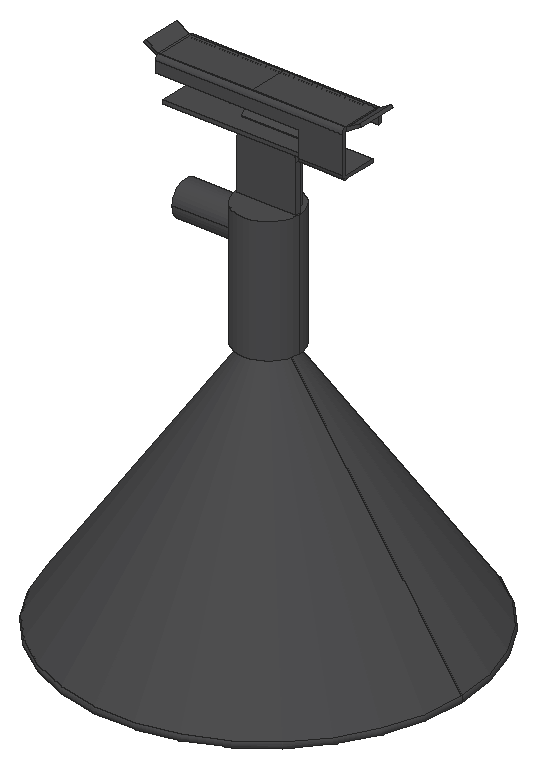
Revit family "Lighting_Pendants_Zero_Lumo-Wire", category Lighting Fixtures, Revit 2020
Family settings
  Round Connector Dimension = Use Diameter
  Part Type = Normal
  OmniClass Number = 23.80.70.00
  OmniClass Title = Lighting
  Work Plane-Based = No
  Always vertical = Yes
  Cut with Voids When Loaded = No
  Light Source = Yes
  Shared = No
  Room Calculation Point = No
Parameters (values of type "Compose wire - Black Matt acrylic, on/off")
  Wattage = 22 W
  WarrantyStartDate [instance] = "n/a"
  WarrantyGuarantorParts = "n/a"
  WarrantyGuarantorLabor = "n/a"
  WarrantyDurationUnit = "Years"
  WarrantyDurationParts = "n/a"
  WarrantyDurationLabor = "n/a"
  WarrantyDescription = "n/a"
  built-in parameter 1150110 = 1 (stored number, unit not read)
  VersionDate = "31/08/2023"  # constant formula
  Version = "2"  # constant formula
  UsageCurrent = 0 A
  Uniclass2015Reference = "Pr_70_70_49_86"
  Uniclass2015Description = "Suspended luminaires"
  Uniclass2 = "90-65-49/434"
  TotalWattage = 22 W
  built-in parameter 1114217 = 1 (stored number, unit not read)
  Tilt Angle = 90.00°
  built-in parameter 1150109 = 1 (stored number, unit not read)
  built-in parameter 1150134 = (empty or 0)
  TagNumber [instance] = "n/a"
  SustainabilityPerformance = "n/a"
  built-in parameter 1150113 = 1 (stored number, unit not read)
  built-in parameter 1010507 = 1.5708 (stored number, unit not read)
  built-in parameter 1010506 = 1.5708 (stored number, unit not read)
  Size = "250x250x322 mm"
  Shape = "Sculptured"
  SerialNumber [instance] = "n/a"
  Revision = "1"  # constant formula
  ReplacementCost = "n/a"
  ProductInformation = "n/a"
  PhaseReference = "n/a"
  PhaseAngle = 0.00°
  NumberOfSources = 0
  NumberOfPoles = 1
  NominalWidth = 250 mm
  NominalVoltageCalc = 0 V
  NominalVoltage = 230 V
  NominalRadius = NominalDiameter / 2  # 60 mm
  NominalLength = 250 mm
  NominalHeight [instance] = 320.559 mm
  NominalFrequencyRange = 50 Hz
  NominalDiameter = 120 mm
  NominalCurrent = 0 A
  Name = "Compose-Wire"  # constant formula
  NBSReference = "90-60-50/405"
  NBSDescription = "General purpose luminaires"
  ModelReference = "n/a"
  ModelNumber = "12138106-30"
  Model = "Lumo wire - Black Matt acrylic, on/off"
  Material = "Metal"
  ManufacturersSpecificInformation = "DCL-plug or terminal block 5x2,5mm2"
  ManufacturerURL = "https://www.zerolighting.com/"
  ManufacturerName = "Zero"
  Manufacturer = "Zero"
  MaintenanceFactor = 0
  Lumens = 37180 lm
  built-in parameter 1150115 = 1 (stored number, unit not read)
  built-in parameter 1150105 = 27461.1 (stored number, unit not read)
  LightFixturePlacingType = "Table"
  LightFixtureMountingType = "Surface"
  LightFixtureMainMaterial = Black RAL 9005
  Light Source Symbol Length = 300 mm
  built-in parameter 1150137 = (empty or 0)
  built-in parameter 1150139 = (empty or 0)
  LensMaterial = Glass
  built-in parameter 1150112 = 1 (stored number, unit not read)
  built-in parameter 1150114 = 1 (stored number, unit not read)
  Lamp = "Can be delivered with 2700K, 4000K on request."
  InsulationStandardClass = "n/a"
  InstallationDate [instance] = "n/a"
  built-in parameter 1150132 = (empty or 0)
  built-in parameter 1150102 = (empty or 0)
  built-in parameter 1150138 = (empty or 0)
  built-in parameter 1150107 = 3000 (stored number, unit not read)
  built-in parameter 1150106 = 274.61 (stored number, unit not read)
  IfcExportType = "NOTDEFINED"  # constant formula
  IfcExportAs = "IfcLightFixtureType"  # constant formula
  IP_Code = "IP65"
  HasProtectiveEarth = yes
  Grade = "n/a"
  Finish = "Other colours on request."
  Features = "Delivered with 2 m black cable 3x1,5mm2 when DALI 5x1,5mm2."
  ExpectedLife = "n/a"
  Emit from Line Length = 500 mm
  ElectricalDeviceNominalPower = 0
  built-in parameter 1150104 = 157.01 (stored number, unit not read)
  DurationUnit = "Years"
  Dimming Lamp Color Temperature Shift = <None>
  Designer = "Thomas Bernstrand 2023"
  DefaultElevation = 0 mm
  Default Elevation = 0 mm
  Constituents = "n/a"
  Color Filter = 16777215
  Color = "Red"
  CodePerformance = "n/a"
  Category = "Pendant Fixtures"
  Brand = "Zero"
  Barcode [instance] = "n/a"
  built-in parameter 1114218 = 1 (stored number, unit not read)
  BIMObjectName = "Lighting_Pendant_Zero_Lumo-Wire"  # constant formula
  Author = "BIMstone"  # constant formula
  built-in parameter 1150133 = 10 (stored number, unit not read)
  AssetType = "Fixed"
  AssetIdentifier [instance] = "n/a"
  ArticleNumber = "12138106-30"
  AccessibilityPerformance = "n/a"
Types (3, lengths in mm): name | ModelNumber | Model | ArticleNumber
  (no name) | "12138106-30" | "Lumo wire - Black Matt acrylic, on/off" | "12138106-30"
  Compose wire - Black Matt acrylic, on/off | "12138106-30" | "Lumo wire - Black Matt acrylic, on/off" | "12138106-30"
  Compose wire - Black Matt acrylic, Dali | "12138106D30" | "Lumo wire - Black Matt acrylic, Dali" | "12138106D30"
Reference planes
  plane 1 "Light Source Axis (F/B)": y = 0
  plane 2: z = 0
  plane 3 "Light Source Axis (L/R)": x = 0
  plane 4 "Light Source Elevation": z = 116.275
  plane 5: y = 125
  plane 6: y = -125
  plane 7: x = -125
  plane 8: x = 125
  plane 9: z = 320.559
  plane 10: y = 0
Dimensions and locks
  equal spacing: plane 6, plane 1 "Light Source Axis (F/B)", plane 5
  "NominalWidth": plane 6 to plane 5
  equal spacing: plane 7, plane 3 "Light Source Axis (L/R)", plane 8
  "NominalLength": plane 7 to plane 8
  "NominalHeight": plane 9 to plane 2
  plane 1 "Light Source Axis (F/B)" to plane 10 = 0 mm
  level to plane 4 "Light Source Elevation" = 116.275 mm
  aligned and locked: plane 3 "Light Source Axis (L/R)" to imposter light
  aligned and locked: plane 4 "Light Source Elevation" to imposter light
  aligned and locked: level to plane 2
  aligned and locked: plane 10 to imposter light
Nested families
  nested 1: "lumo" at (0, 0, 0), Body <- "LightFixtureMainMaterial", Glass <- "LensMaterial", type "lumo"
    with Glass Glass, Body Black RAL 9005
Connectors
  electrical at (-53, 0, 229.613)
    settings: on nested 1, index 1, voltage 230 V, apparent load 0 VA, apparent load phase1 0 VA, apparent load phase2 0 VA, apparent load phase3 0 VA, power factor 1, load classification "Other", number of poles 1, system type 31, power factor state 1, is connector primary yes, connector utility no, sub classification motor no, connector description ""
Definition of nested family "lumo"
  Parameters
    Glass [instance] = none
    Default Elevation = 0 mm
    Body [instance] = none
  Reference planes
    plane 1 "Center (Front/Back)": y = 0
    plane 2: z = 0
    plane 3 "Center (Left/Right)": x = 0
    plane 4: z = 320.559
  Forms (mm)
    Revolve 1, solid, material <- "Body", detail levels medium+fine
      sketch origin (0, 0, 126.517) x (1, 0, 0) y (0, 0, 1)
        loop
          line (-13.213, 37.001) -> (-124.142, -121.7)
          arc (-124.142, -121.7) -> (-123.384, -125.98) -> (-119.104, -125.221) r 3.074
          line (-119.104, -125.221) -> (-6.562, 35.786) -> (0, 35.786) -> (0, 39.869) -> (-11.208, 39.869) -> (-13.213, 37.001)
        axis (0, 39.869) -> (0, -125.221)
      angle from 0 to 360
    Extrusion 2, solid, material <- "Body", detail levels medium+fine
      sketch origin (0, 175.01, 221.477) x (0, -1, 0) y (1, 0, 0)
        loop
          circle (175.01, 0) r 79.485
        loop
          circle (175.01, 0) r 67.721
      from -165.46 to -168.46
    Revolve 3, solid, material <- "Glass", detail levels medium+fine
      sketch origin (0, 0, 126.517) x (1, 0, 0) y (0, 0, 1)
        loop
          line (-74.699, -63.499) -> (-79.699, -63.499) -> (-79.699, -66.499) -> (-83.713, -66.499) -> (-83.713, -68.699) -> (0, -68.699) -> (0, -63.499) -> (0, 36.539) -> (-5.873, 36.539) -> (-9.079, 8.204) -> (-26.335, 8.204) -> (-27.912, -23.786) -> (-47.912, -23.786) -> (-74.699, -63.499)
        axis (0, 36.539) -> (0, -68.699)
      angle from 0 to 360
    Extrusion 4, solid, material <- "Body", detail levels medium+fine
      sketch origin (0, 0, 0) x (1, 0, 0) y (0, 1, 0)
        loop
          circle (0, 0) r 20
      from 165.518 to 245.518
    Extrusion 5, solid, material <- "Body", detail levels medium+fine
      sketch origin (0, 0, 0) x (0, 1, 0) y (0, 0, 1)
        loop
          circle (0, 229.613) r 11.001
        loop
          circle (0, 229.613) r 5
      from -53 to -10.5
    Extrusion 6, solid, material <- "Body", detail levels medium+fine
      sketch origin (0, 0, 0) x (1, 0, 0) y (0, 0, 1)
        loop
          arc (-9, 285.518) -> (-16.071, 282.589) -> (-19, 275.518) r 10
          line (-19, 275.518) -> (-19, 245.518) -> (0, 245.518) -> (19, 245.518) -> (19, 275.518)
          arc (19, 275.518) -> (16.071, 282.589) -> (9, 285.518) r 10
          line (9, 285.518) -> (0, 285.518) -> (-9, 285.518)
      from -1.5 to 1.5
    Extrusion 7, solid, material <- "Body", detail levels medium+fine
      sketch origin (0, 0, 0) x (0, 1, 0) y (0, 0, 1)
        loop
          line (3.5, 249.018) -> (3.5, 285.452)
          arc (3.5, 285.452) -> (3.589, 285.9) -> (3.842, 286.279) r 1.168
          line (3.842, 286.279) -> (14.784, 297.22)
          arc (14.784, 297.22) -> (15.314, 298.014) -> (15.501, 298.951) r 2.447
          line (15.501, 298.951) -> (15.501, 305.517) -> (13.501, 305.517) -> (13.501, 299.177)
          arc (13.501, 299.177) -> (13.425, 298.797) -> (13.21, 298.475) r 0.994
          line (13.21, 298.475) -> (2.391, 287.656)
          arc (2.391, 287.656) -> (1.732, 286.669) -> (1.5, 285.505) r 3.041
          line (1.5, 285.505) -> (1.5, 249.018) -> (3.5, 249.018)
      from -19 to 19
    Extrusion 8, solid, material <- "Body", detail levels medium+fine
      sketch origin (0, 0, 0) x (0, 1, 0) y (0, 0, 1)
        loop
          line (15.501, 288.492) -> (15.501, 312.526)
          arc (15.501, 312.526) -> (14.624, 314.641) -> (12.509, 315.517) r 2.992
          line (12.509, 315.517) -> (-12.458, 315.517)
          arc (-12.458, 315.517) -> (-14.609, 314.626) -> (-15.499, 312.476) r 3.041
          line (-15.499, 312.476) -> (-15.499, 288.481)
          arc (-15.499, 288.481) -> (-14.631, 286.385) -> (-12.535, 285.517) r 2.964
          line (-12.535, 285.517) -> (12.526, 285.517)
          arc (12.526, 285.517) -> (14.629, 286.388) -> (15.501, 288.492) r 2.975
        loop
          arc (13.501, 312.548) -> (13.217, 313.233) -> (12.532, 313.517) r 0.969
          line (12.532, 313.517) -> (-12.498, 313.517)
          arc (-12.498, 313.517) -> (-13.206, 313.224) -> (-13.499, 312.516) r 1.001
          line (-13.499, 312.516) -> (-13.499, 288.47)
          arc (-13.499, 288.47) -> (-13.22, 287.796) -> (-12.546, 287.517) r 0.953
          line (-12.546, 287.517) -> (12.501, 287.517)
          arc (12.501, 287.517) -> (13.208, 287.81) -> (13.501, 288.517) r 1
          line (13.501, 288.517) -> (13.501, 312.548)
      from -60 to 60
    Extrusion 9, void
      sketch origin (0, 0, 0) x (0, 1, 0) y (0, 0, 1)
        loop
          line (13.501, 305.517) -> (13.501, 288.517)
          arc (13.501, 288.517) -> (13.208, 287.81) -> (12.501, 287.517) r 1
          line (12.501, 287.517) -> (9.021, 287.517) -> (9.021, 285.517) -> (12.526, 285.517)
          arc (12.526, 285.517) -> (14.629, 286.388) -> (15.501, 288.492) r 2.975
          line (15.501, 288.492) -> (15.501, 305.517) -> (13.501, 305.517)
      from -32 to 60
    Extrusion 10, solid, material <- "Body", detail levels medium+fine
      sketch origin (0, 0, 0) x (1, 0, 0) y (0, 0, 1)
        loop
          line (-70.001, 318.827) -> (-61.719, 314.046)
          arc (-61.719, 314.046) -> (-60.768, 313.652) -> (-59.747, 313.517) r 3.944
          line (-59.747, 313.517) -> (0, 313.517) -> (59.747, 313.517)
          arc (59.747, 313.517) -> (60.768, 313.652) -> (61.719, 314.046) r 3.944
          line (61.719, 314.046) -> (70.001, 318.827) -> (69.001, 320.559) -> (60.871, 315.865)
          arc (60.871, 315.865) -> (60.244, 315.606) -> (59.572, 315.517) r 2.598
          line (59.572, 315.517) -> (0, 315.517) -> (-59.572, 315.517)
          arc (-59.572, 315.517) -> (-60.244, 315.606) -> (-60.871, 315.865) r 2.598
          line (-60.871, 315.865) -> (-69.001, 320.559) -> (-70.001, 318.827)
      from -12.501 to 12.499
    Extrusion 11, void
      sketch origin (0, 0, 0) x (0, 1, 0) y (0, 0, 1)
        loop
          line (-13.499, 305.517) -> (-15.499, 305.517) -> (-15.499, 288.481)
          arc (-15.499, 288.481) -> (-14.631, 286.385) -> (-12.535, 285.517) r 2.964
          line (-12.535, 285.517) -> (-9.732, 285.517) -> (-9.732, 287.517) -> (-12.546, 287.517)
          arc (-12.546, 287.517) -> (-13.22, 287.796) -> (-13.499, 288.47) r 0.953
          line (-13.499, 288.47) -> (-13.499, 305.517)
      from -62.797 to 32
    Extrusion 12, solid, material <- "Body", detail levels coarse
      sketch origin (0, 0, 0) x (1, 0, 0) y (0, 1, 0)
        loop
          line (-125, 0) -> (-125, -125) -> (0, -125) -> (125, -125) -> (125, 0) -> (125, 125) -> (0, 125) -> (-125, 125) -> (-125, 0)
      from 0 to 320.559
  Cuts and joins
    joined: Extrusion 4, Extrusion 5
    Extrusion 9 cuts Extrusion 7
    Extrusion 9, Extrusion 11 cuts Extrusion 8
  Lines and regions (mm)
    symbolic lines, detail levels medium+fine
      curve 1: line (-69.001, 0, 320.559) -> (-60.871, 0, 315.865)
      curve 3: line (-60.871, 0, 315.865) -> (-59.572, 0, 315.517)
      curve 4: line (-59.572, 0, 315.517) -> (0, 0, 315.517)
      curve 5: line (-69.001, 0, 320.559) -> (-70.001, 0, 318.827)
      curve 6: line (-70.001, 0, 318.827) -> (-61.719, 0, 314.046)
      curve 7: arc (-61.719, 0, 314.046) -> (-60.89, 0, 313.686) -> (-60, 0, 313.525) r 3.944
      curve 9: line (-60, 0, 285.517) -> (-19, 0, 285.517)
      curve 10: line (-19, 0, 285.517) -> (-19, 0, 245.518)
      curve 11: line (-19, 0, 245.518) -> (-20, 0, 245.518)
      curve 12: line (-20, 0, 245.518) -> (-20, 0, 240.613)
      curve 13: line (-20, 0, 240.613) -> (-53, 0, 240.613)
      curve 14: line (-53, 0, 240.613) -> (-53, 0, 218.612)
      curve 15: line (-53, 0, 218.612) -> (-20, 0, 218.612)
      curve 16: line (-20, 0, 218.612) -> (-20, 0, 165.518)
      curve 17: line (-20, 0, 165.518) -> (-11.803, 0, 165.518)
      curve 18: line (-11.803, 0, 165.518) -> (-124.197, 0, 4.72)
      curve 19: arc (-124.197, 0, 4.72) -> (-124.378, 0, 1.575) -> (-121.65, 0, 0) r 3.001
      curve 20: line (-121.65, 0, 0) -> (0, 0, 0)
      curve 27: line (-60, 0, 313.525) -> (-60, 0, 285.517)
      curve 33: line (69.001, 0, 320.559) -> (60.871, 0, 315.865)
      curve 35: line (60.871, 0, 315.865) -> (59.572, 0, 315.517)
      curve 36: line (59.572, 0, 315.517) -> (0, 0, 315.517)
      curve 37: line (69.001, 0, 320.559) -> (70.001, 0, 318.827)
      curve 38: line (70.001, 0, 318.827) -> (61.719, 0, 314.046)
      curve 39: arc (61.719, 0, 314.046) -> (60.89, 0, 313.686) -> (60, 0, 313.525) r 3.944
      curve 41: line (60, 0, 285.517) -> (19, 0, 285.517)
      curve 42: line (19, 0, 285.517) -> (19, 0, 245.518)
      curve 43: line (19, 0, 245.518) -> (20, 0, 245.518)
      curve 44: line (20, 0, 245.518) -> (20, 0, 218.612)
      curve 45: line (20, 0, 218.612) -> (20, 0, 165.518)
      curve 46: line (20, 0, 165.518) -> (11.803, 0, 165.518)
      curve 47: line (11.803, 0, 165.518) -> (124.197, 0, 4.72)
      curve 48: arc (124.197, 0, 4.72) -> (124.378, 0, 1.575) -> (121.65, 0, 0) r 3.001
      curve 49: line (121.65, 0, 0) -> (0, 0, 0)
      curve 56: line (60, 0, 313.525) -> (60, 0, 285.517)
      curve 61: line (0, 0.001, 320.559) -> (0, 12.501, 320.559)
      curve 62: line (0, 12.501, 320.559) -> (0, 12.501, 315.517)
      curve 63: line (0, 15.501, 312.526) -> (0, 15.501, 288.492)
      curve 64: arc (0, 15.501, 288.492) -> (0, 14.629, 286.388) -> (0, 12.526, 285.517) r 2.975
      curve 65: line (0, 12.526, 285.517) -> (0, 3.502, 285.517)
      curve 66: arc (0, 12.501, 315.517) -> (0, 14.622, 314.644) -> (0, 15.501, 312.526) r 2.992
      curve 67: line (0, 3.502, 285.517) -> (0, 3.502, 249.018)
      curve 68: line (0, 3.502, 249.018) -> (0, 1.5, 249.018)
      curve 69: line (0, 1.5, 249.018) -> (0, 1.5, 245.518)
      curve 70: line (0, 1.5, 245.518) -> (0, 20, 245.518)
      curve 71: line (0, 20, 245.518) -> (0, 20, 165.518)
      curve 72: line (0, 20, 165.518) -> (0, 11.782, 165.518)
      curve 73: line (0, 11.782, 165.518) -> (0, 124.377, 4.308)
      curve 74: arc (0, 124.377, 4.308) -> (0, 124.547, 1.448) -> (0, 122.075, 0) r 2.74
      curve 75: line (0, 122.075, 0) -> (0, 0, 0)
      curve 92: line (0, 0.001, 320.559) -> (0, -12.501, 320.559)
      curve 93: line (0, -12.501, 320.559) -> (0, -12.501, 315.517)
      curve 94: line (0, -15.501, 312.526) -> (0, -15.501, 288.492)
      curve 95: arc (0, -15.501, 288.492) -> (0, -14.629, 286.388) -> (0, -12.526, 285.517) r 2.975
      curve 96: line (0, -12.526, 285.517) -> (0, -3.502, 285.517)
      curve 97: arc (0, -12.501, 315.517) -> (0, -14.622, 314.644) -> (0, -15.501, 312.526) r 2.992
      curve 98: line (0, -1.5, 249.018) -> (0, -1.5, 245.518)
      curve 99: line (0, -1.5, 245.518) -> (0, -20, 245.518)
      curve 100: line (0, -20, 245.518) -> (0, -20, 165.518)
      curve 101: line (0, -20, 165.518) -> (0, -11.782, 165.518)
      curve 102: line (0, -11.782, 165.518) -> (0, -124.377, 4.308)
      curve 103: arc (0, -124.377, 4.308) -> (0, -124.547, 1.448) -> (0, -122.075, 0) r 2.74
      curve 104: line (0, -122.075, 0) -> (0, 0, 0)
      curve 111: line (0, -1.5, 285.517) -> (0, -1.5, 249.018)
      curve 112: line (0, -3.502, 285.517) -> (0, -1.5, 285.517)
      curve 117: circle (0, 0, 0) r 125 normal (0, 0, 1)
    symbolic lines, detail levels fine
      curve 2: arc (-59.572, 0, 315.517) -> (-60.244, 0, 315.606) -> (-60.871, 0, 315.865) r 2.598
      curve 8: line (-60, 0, 315.632) -> (-60, 0, 313.525)
      curve 21: line (-60, 0, 287.517) -> (0, 0, 287.517)
      curve 22: line (-19, 0, 287.517) -> (-19, 0, 299.177)
      curve 23: line (-19, 0, 299.177) -> (0, 0, 299.177)
      curve 24: line (-32, 0, 287.517) -> (-32, 0, 305.517)
      curve 25: line (-32, 0, 305.517) -> (0, 0, 305.517)
      curve 26: line (-32, 0, 305.517) -> (-60, 0, 305.517)
      curve 28: line (-19, 0, 285.517) -> (0, 0, 285.517)
      curve 29: arc (-9, 0, 285.518) -> (-16.071, 0, 282.589) -> (-19, 0, 275.518) r 10
      curve 30: line (-19, 0, 245.518) -> (0, 0, 245.518)
      curve 31: arc (-20, 0, 218.612) -> (-17.762, 0, 229.613) -> (-20, 0, 240.613) r 28.154
      curve 32: line (-11.803, 0, 165.518) -> (0, 0, 165.518)
      curve 34: arc (59.572, 0, 315.517) -> (60.244, 0, 315.606) -> (60.871, 0, 315.865) r 2.598
      curve 40: line (60, 0, 315.632) -> (60, 0, 313.525)
      curve 50: line (60, 0, 287.517) -> (0, 0, 287.517)
      curve 51: line (19, 0, 287.517) -> (19, 0, 299.177)
      curve 52: line (19, 0, 299.177) -> (0, 0, 299.177)
      curve 53: line (32, 0, 287.517) -> (32, 0, 305.517)
      curve 54: line (32, 0, 305.517) -> (0, 0, 305.517)
      curve 55: line (32, 0, 305.517) -> (60, 0, 305.517)
      curve 57: line (19, 0, 285.517) -> (0, 0, 285.517)
      curve 58: arc (8.881, 0, 285.517) -> (16.029, 0, 282.631) -> (19, 0, 275.518) r 10
      curve 59: line (19, 0, 245.518) -> (0, 0, 245.518)
      curve 60: line (11.803, 0, 165.518) -> (0, 0, 165.518)
      curve 76: line (0, 12.501, 318.827) -> (0, 0.001, 318.827)
      curve 77: line (0, 13.501, 312.548) -> (0, 13.501, 288.517)
      curve 78: arc (0, 12.532, 313.517) -> (0, 13.217, 313.233) -> (0, 13.501, 312.548) r 0.969
      curve 79: line (0, 0.017, 313.517) -> (0, 12.532, 313.517)
      curve 80: arc (0, 13.501, 288.517) -> (0, 13.208, 287.81) -> (0, 12.501, 287.517) r 1
      curve 81: line (0, 12.501, 287.517) -> (0, -0.023, 287.517)
      curve 82: line (0, 1.5, 285.517) -> (0, 1.5, 249.018)
      curve 83: line (0, 5.081, 287.517) -> (0, 13.501, 295.937)
      curve 84: line (0, 13.501, 298.766) -> (0, 2.252, 287.517)
      curve 85: line (0, 3.502, 285.517) -> (0, -0.005, 285.517)
      curve 86: line (0, 1.5, 245.518) -> (0, 0, 245.518)
      curve 87: arc (0, 11.001, 229.613) -> (0, 0, 240.613) -> (0, -11.001, 229.613) r 11.001
      curve 88: arc (0, -5, 229.613) -> (0, 0, 234.613) -> (0, 5, 229.613) r 5
      curve 89: arc (0, 5, 229.613) -> (0, 0, 224.613) -> (0, -5, 229.613) r 5
      curve 90: arc (0, -11.001, 229.613) -> (0, 0, 218.612) -> (0, 11.001, 229.613) r 11.001
      curve 91: line (0, 11.782, 165.518) -> (0, 0, 165.518)
      curve 105: line (0, -12.501, 318.827) -> (0, 0.001, 318.827)
      curve 106: line (0, -13.501, 312.548) -> (0, -13.501, 288.517)
      curve 107: arc (0, -12.532, 313.517) -> (0, -13.217, 313.233) -> (0, -13.501, 312.548) r 0.969
      curve 108: line (0, 0.017, 313.517) -> (0, -12.532, 313.517)
      curve 109: arc (0, -13.501, 288.517) -> (0, -13.208, 287.81) -> (0, -12.501, 287.517) r 1
      curve 110: line (0, -12.501, 287.517) -> (0, -0.023, 287.517)
      curve 113: line (0, -1.5, 245.518) -> (0, 0, 245.518)
      curve 114: line (0, -11.782, 165.518) -> (0, 0, 165.518)
      curve 115: line (0, -1.5, 285.517) -> (0, -0.005, 285.517)
      curve 116: line (0, 12.501, 315.517) -> (0, -12.501, 315.517)
      curve 118: line (-60, 15.501, 0) -> (0, 15.501, 0)
      curve 119: line (-60, 15.501, 0) -> (-60, 12.501, 0)
      curve 120: line (-70.001, 12.501, 0) -> (0, 12.501, 0)
      curve 121: line (-70.001, 12.501, 0) -> (-70.001, -12.499, 0)
      curve 122: line (-70.001, -12.499, 0) -> (0, -12.499, 0)
      curve 123: line (-60, -12.499, 0) -> (-60, -15.499, 0)
      curve 124: line (-60, -15.499, 0) -> (0, -15.499, 0)
      curve 125: arc (12.638, 15.501, 0) -> (0, 20, 0) -> (-12.638, 15.501, 0) r 20
      curve 126: line (60, 15.501, 0) -> (0, 15.501, 0)
      curve 127: line (60, 15.501, 0) -> (60, 12.501, 0)
      curve 128: line (70.001, 12.501, 0) -> (0, 12.501, 0)
      curve 129: line (70.001, 12.501, 0) -> (70.001, -12.499, 0)
      curve 130: line (70.001, -12.499, 0) -> (0, -12.499, 0)
      curve 131: line (60, -12.499, 0) -> (60, -15.499, 0)
      curve 132: line (60, -15.499, 0) -> (0, -15.499, 0)
      curve 133: arc (12.64, -15.499, 0) -> (0, -20, 0) -> (-12.64, -15.499, 0) r 20
  Dimensions and locks
    aligned and locked: level to plane 2
